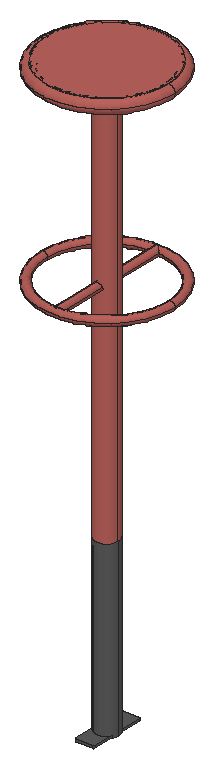
Revit family "product code 61408-F", category Meble, Revit 2021
Family settings
  Numer OmniClass = 23.40.20.00
  Tytuł OmniClass = General Furniture and Specialties
  Oparty na płaszczyźnie roboczej = Nie
  Zawsze pionowo = Tak
  Tnij formami wycięć po wczytaniu = Nie
  Współdzielony = Nie
  Punkt obliczania pomieszczeń = Nie
Parameters (values of type "Sydhavn")
  metal = Kobenhagen RAL 3000
  Width = "35 cm"
  Weight = "15 kg"
  URL = "https://kobenhagen.com/en_US/p/Sydhavn-Bar-Stool/239"
  Product Line = "Sydhavn"
  Product Groups = "Stools"
  Producent = "Lars Laj"
  Keynote = ""
  Opis = "Sydhavn Bar Stool"
  Model = "61408-F"
  Material = "Powder coated steel"
  Maintenance = "We recommend to examine and tighten all screws and bolt clamps after a few weeks’ use. In order to prevent cracks and to extend the life of the wood, it is recommended that the wood details should be oiled every 3-5 years."
  Lenght = "35 cm"
  Type Comments = ""
  Kobenhagen Materials = "larslaj.com/bim"
  Hosted on larslaj.com = "https://larslaj.com/bim"
  Height = "75 cm"
  Domyślna rzędna = 0 mm
  Copyright = "All designs and drawings are the intellectual property of Lars Laj A/S and are protected by Danish and international copyright laws."
Reference planes
  plane 1: z = 0
  plane 2 "Środek (Lewa/Prawa)": x = 0
  plane 3 "Góra": z = 1062.347
  plane 4 "Środek": y = 257.204
Forms (mm)
  Extrusion 1, solid, material "Kobenhagen RAL 3000" <- "metal", not visible
    sketch origin (0, 0, 0) x (0, 1, 0) y (0, 0, 1)
      loop
        arc (71.187, 451.5) -> (57.045, 445.642) -> (51.187, 431.5) r 20
        line (51.187, 431.5) -> (51.187, 18.231)
        arc (51.187, 18.231) -> (56.527, 5.34) -> (69.418, 0) r 18.231
        line (69.418, 0) -> (153.638, 0) -> (153.638, 15) -> (448.638, 15) -> (448.638, 0) -> (527.023, 0)
        arc (527.023, 0) -> (542.307, 6.331) -> (548.638, 21.615) r 21.615
        line (548.638, 21.615) -> (548.638, 429.407)
        arc (548.638, 429.407) -> (542.168, 445.029) -> (526.545, 451.5) r 22.093
        line (526.545, 451.5) -> (71.187, 451.5)
    from 750.378 to 745
  Extrusion 2, solid, material "Kobenhagen RAL 3000" <- "metal", not visible
    sketch origin (0, 0, 0) x (0, 1, 0) y (0, 0, 1)
      loop
        line (548.638, 396.844) -> (629.375, 854.725) -> (601.836, 859.581)
        arc (601.836, 859.581) -> (585.224, 855.898) -> (576.082, 841.547) r 22.232
        line (576.082, 841.547) -> (507.306, 451.5) -> (526.545, 451.5)
        arc (526.545, 451.5) -> (542.168, 445.029) -> (548.638, 429.407) r 22.093
        line (548.638, 429.407) -> (548.638, 396.844)
    from 745 to 750.378
  Extrusion 3, solid, material "Kobenhagen RAL 3000" <- "metal"
    sketch origin (396.607, -18.452, 868.765) x (0, -1, 0) y (1, 0, 0)
      loop
        circle (-275.327, -399.004) r 30.15
      loop
        circle (-275.327, -399.004) r 28.15
    from 197.485 to -868.765
  Extrusion 4, solid, material "Painted Black"
    sketch origin (695.879, -21.874, 0) x (1, 0, 0) y (0, 1, 0)
      loop
        line (-722.97, 354.396) -> (-722.97, 210.396)
        arc (-722.97, 210.396) -> (-722.091, 208.274) -> (-719.97, 207.396) r 3
        line (-719.97, 207.396) -> (-675.97, 207.396)
        arc (-675.97, 207.396) -> (-673.849, 208.274) -> (-672.97, 210.396) r 3
        line (-672.97, 210.396) -> (-672.97, 354.396)
        arc (-672.97, 354.396) -> (-673.849, 356.517) -> (-675.97, 357.396) r 3
        line (-675.97, 357.396) -> (-719.97, 357.396)
        arc (-719.97, 357.396) -> (-722.091, 356.517) -> (-722.97, 354.396) r 3
    from -450 to -445
  Extrusion 5, solid, material "Painted Black"
    sketch origin (396.607, -17.202, 868.765) x (1, 0, 0) y (0, 1, 0)
      loop
        circle (-399.004, 275.327) r 30.15
      loop
        circle (-399.004, 275.327) r 28.15
    from -868.765 to -1318.765
  Extrusion 6, solid, material "Kobenhagen RAL 3000" <- "metal"
    sketch origin (581.466, 257.204, 649.062) x (-1, 0, 0) y (0, 0, 1)
      loop
        line (608.966, 447.188) -> (558.966, 447.188) -> (558.966, 417.188) -> (608.966, 417.188) -> (608.966, 447.188)
      loop
        line (606.966, 445.188) -> (560.966, 445.188) -> (560.966, 419.188) -> (606.966, 419.188) -> (606.966, 445.188)
    from -140.698 to 141.902
  Extrusion 7, solid, material "Kobenhagen RAL 5012", not visible
    sketch origin (-110.268, -19.702, 0) x (0, -1, 0) y (1, 0, 0)
      loop
        circle (-275.327, -399.004) r 30.15
      loop
        circle (-275.327, -399.004) r 28.15
    from 444.1 to 0
  Extrusion 8, solid, material "Kobenhagen RAL 5012", not visible
    sketch origin (239.004, -16.847, 0) x (1, 0, 0) y (0, 1, 0)
      loop
        line (-699.004, 325.327) -> (-799.004, 325.327) -> (-799.004, 225.327) -> (-699.004, 225.327) -> (-699.004, 325.327)
    from 447.05 to 443.488
  Extrusion 9, solid, material "Painted Black", not visible
    sketch origin (189.004, -23.124, 0) x (1, 0, 0) y (0, 1, 0)
      loop
        line (-722.97, 354.396) -> (-722.97, 210.396)
        arc (-722.97, 210.396) -> (-722.091, 208.274) -> (-719.97, 207.396) r 3
        line (-719.97, 207.396) -> (-675.97, 207.396)
        arc (-675.97, 207.396) -> (-673.849, 208.274) -> (-672.97, 210.396) r 3
        line (-672.97, 210.396) -> (-672.97, 354.396)
        arc (-672.97, 354.396) -> (-673.849, 356.517) -> (-675.97, 357.396) r 3
        line (-675.97, 357.396) -> (-719.97, 357.396)
        arc (-719.97, 357.396) -> (-722.091, 356.517) -> (-722.97, 354.396) r 3
    from -800 to -795
  Extrusion 10, solid, material "Painted Black", not visible
    sketch origin (-110.268, -18.452, 0) x (1, 0, 0) y (0, 1, 0)
      loop
        circle (-399.004, 275.327) r 30.15
      loop
        circle (-399.004, 275.327) r 28.15
    from 0 to -795
  Extrusion 11, solid, material "Kobenhagen RAL 3000" <- "metal"
    sketch origin (-5.756, 841.663, 649.062) x (0, -1, 0) y (0, 0, 1)
      loop
        line (608.966, 447.188) -> (558.966, 447.188) -> (558.966, 417.188) -> (608.966, 417.188) -> (608.966, 447.188)
      loop
        line (606.966, 445.188) -> (560.966, 445.188) -> (560.966, 419.188) -> (606.966, 419.188) -> (606.966, 445.188)
    from 21.334 to 138.155
  Extrusion 12, solid, material "Kobenhagen RAL 3000" <- "metal"
    sketch origin (5.756, 839.788, 649.062) x (0, -1, 0) y (0, 0, -1)
      loop
        line (608.966, -447.188) -> (608.966, -417.188) -> (558.966, -417.188) -> (558.966, -447.188) -> (608.966, -447.188)
      loop
        line (606.966, -445.188) -> (606.966, -419.188) -> (560.966, -419.188) -> (560.966, -445.188) -> (606.966, -445.188)
    from 14.744 to 132.933
  Extrusion 13, solid, material "Kobenhagen RAL 3000" <- "metal"
    sketch origin (0, 0, 450) x (1, 0, 0) y (0, 1, 0)
      loop
        circle (-2.611, 257.806) r 158.15
    from 647 to 650
  Sweep 14, solid, material "Kobenhagen RAL 3000" <- "metal"
    path origin (0, 0, 0) x (1, 0, 0) y (0, 1, 0)
      loop
        circle (-2.611, 257.806) r 158.15
    profile origin (-2.611, 99.656, 0) x (0, 1, 0) y (0, 0, 1)
      loop
        circle (0, 1083.096) r 16.868
      loop
        circle (0.117, 1083.18) r 15.694
  Sweep 15, solid, material "Kobenhagen RAL 3000" <- "metal"
    path origin (0, 0, -500) x (1, 0, 0) y (0, 1, 0)
      loop
        circle (-2.611, 257.806) r 158.15
    profile origin (-2.611, 99.656, -500) x (0, 1, 0) y (0, 0, 1)
      loop
        circle (-6.147, 1089.35) r 10.703
      loop
        circle (-6.069, 1089.35) r 10
  Extrusion 16, solid, material "Kobenhagen RAL 3000" <- "metal"
    sketch origin (0, 0, 0) x (1, 0, 0) y (0, 0, 1)
      loop
        circle (-2.611, 589.35) r 10.65
      loop
        circle (-2.611, 589.35) r 10
    from -234.932 to -93.48
  Extrusion 17, solid, material "Kobenhagen RAL 3000" <- "metal"
    sketch origin (0, 514.407, 0) x (1, 0, 0) y (0, 0, -1)
      loop
        circle (-2.611, -589.35) r 10.65
      loop
        circle (-2.611, -589.35) r 10
    from -234.932 to -93.48
Dimensions and locks
  aligned and locked: level to plane 1
